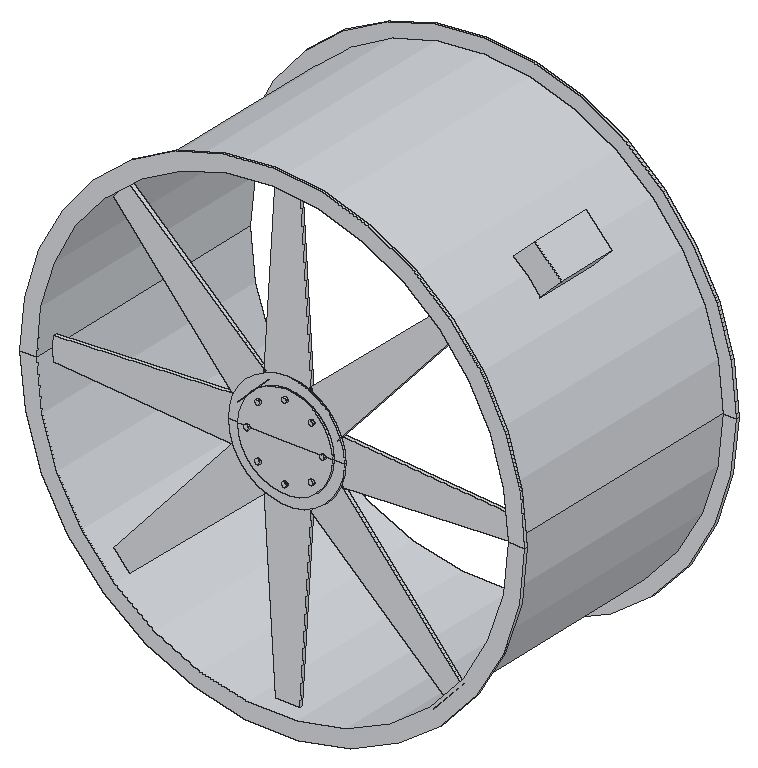
Revit family "CADS_Vent-Axia_MechEquip_Fan_LCA_1000_3Ph4P - EXTRACT", category Mechanical Equipment, Revit 2020
Family settings
  Round Connector Dimension = Use Diameter
  Part Type = Normal
  OmniClass Number = 23.75.00.00
  OmniClass Title = Climate Control (HVAC)
  Work Plane-Based = No
  Always vertical = Yes
  Cut with Voids When Loaded = No
  Shared = No
  Room Calculation Point = No
Parameters (values of type "LCA1003410")
  nr = NominalDiameter / 2  # 500 mm
  WorkingPressure = 0.0 Pa
  WarrantyStartDate [instance] = "1900-12-31T23:59:59"
  WarrantyPeriod = ""
  WarrantyIdentifier = "N/A"
  WarrantyGuarantorParts = "tech@vent-axia.com"
  WarrantyGuarantorLabor = "tech@vent-axia.com"
  WarrantyGuarantor = "Vent-Axia Limited"
  WarrantyEndDate [instance] = "1900-12-31T23:59:59"
  WarrantyContent = ""
  TemperatureRange = ""
  TagNumber [instance] = "N/A"
  SustainabilityPerformance = ""
  Status = "New"
  Size = ""
  Shape = ""
  ServiceLifeType = ""
  ServiceLifeDuration = ""
  SerialNumber [instance] = "N/A"
  ReplacementCost = ""
  RatedVoltage = 0 V
  RatedCurrent = 0 A
  Quantity = 1
  ProductionYear = ""
  PressureCurve = ""
  PowerFactor = ""
  PointOfContact = ""
  NumberOfPoles = 0
  NominalWidth = 1000 mm
  NominalLength = 565 mm
  NominalHeight = 1000 mm
  NominalFrequencyRange = ""
  NominalDiameter = 1000 mm
  ModelReference = "LCAX 1000mm 3PH 4P 10DEG"
  ModelNumber = "LCA1003410"
  Material = ""
  ManufacturerE-Mail = "tech@vent-axia.com"
  ManufacturerAddress = "Fleming Way\nCrawley \nRH10 9YX"
  IsExtendedWarranty = no
  InsulationStandardClass = ""
  InstallationDate [instance] = "1900-12-31T23:59:59"
  IfcExportType [instance] = ""
  IfcExportAs = "IfcFanType"
  IP_Code = ""
  HasProtectiveEarth = no
  GrossWeight = 0.00 kg
  Grade = ""
  GlobalTradeItemNumber [instance] = "N/A"
  Fitting Type = "Ignore"
  Finish = ""
  Features = ""
  ExteriorInsulation = no
  ExpectedServiceLife = 0
  Exclusions = ""
  DurationUnit = "Year"
  Default Elevation = 0 mm
  Constituents = ""
  ConductorFunction = ""
  Color = ""
  CodePerformance = ""
  Category = ""
  CADS_Usage = 0
  CADS_Index = 0
  AssetType = "FIXED"
  AssetIdentifier [instance] = "N/A"
  AssemblyPlace = "UNKNOWN"
  ArticleNumber [instance] = "N/A"
  AirflowRateRange = 0.0 L/s
  Air Flow [instance] = 0.0 L/s
  AccessibilityPerformance = ""
Types (15, lengths in mm): name | NominalLength | ModelReference | ModelNumber
  LCA1003410 | 565 | "LCAX 1000mm 3PH 4P 10DEG" | "LCA1003410"
  LCA1003412 | 565 | "LCAX 1000mm 3PH 4P 12DEG" | "LCA1003412"
  LCA1003414 | 565 | "LCAX 1000mm 3PH 4P 14DEG" | "LCA1003414"
  LCA1003416 | 565 | "LCAX 1000mm 3PH 4P 16DEG" | "LCA1003416"
  LCA1003418 | 565 | "LCAX 1000mm 3PH 4P 18DEG" | "LCA1003418"
  LCA1003420 | 565 | "LCAX 1000mm 3PH 4P 20DEG" | "LCA1003420"
  LCA1003422 | 565 | "LCAX 1000mm 3PH 4P 22DEG" | "LCA1003422"
  LCA1003424 | 700 | "LCAX 1000mm 3PH 4P 24DEG" | "LCA1003424"
  LCA1003426 | 700 | "LCAX 1000mm 3PH 4P 26DEG" | "LCA1003426"
  LCA1003428 | 700 | "LCAX 1000mm 3PH 4P 28DEG" | "LCA1003428"
  LCA1003430 | 700 | "LCAX 1000mm 3PH 4P 30DEG" | "LCA1003430"
  LCA1003434 | 790 | "LCAX 1000mm 3PH 4P 34DEG" | "LCA1003434"
  LCA1003436 | 790 | "LCAX 1000mm 3PH 4P 36DEG" | "LCA1003436"
  LCA1003438 | 790 | "LCAX 1000mm 3PH 4P 38DEG" | "LCA1003438"
  LCA1003440 | 790 | "LCAX 1000mm 3PH 4P 40DEG" | "LCA1003440"
Reference planes
  plane 1 "Center (Front/Back)": y = 0
  plane 2: z = 0
  plane 3 "Center (Left/Right)": x = 0
  plane 4: x = -500
  plane 5: x = 500
  plane 6 "F": y = -282.5
  plane 7 "B": y = 282.5
  plane 8: x = -535
  plane 9: y = 277.5
  plane 10: y = -277.5
  plane 11: x = -505
  plane 12: y = -242.5
  plane 13 "top": z = 500
  plane 14: z = -500
  plane 15 "45deg": through (0, -1524, 0) normal (-0.7071, 0, -0.7071)
  plane 16 "C": through (0, -1524, 0) normal (-0.7071, 0, 0.7071)
Forms (mm)
  Revolve 1, solid
    sketch origin (0, 0, 0) x (1, 0, 0) y (0, 1, 0)
      loop
        line (-535, -282.5) -> (-500, -282.5) -> (-500, 282.5) -> (-535, 282.5) -> (-535, 277.5) -> (-505, 277.5) -> (-505, -277.5) -> (-535, -277.5) -> (-535, -282.5)
      axis (0, 282.5) -> (0, -282.5)
    angle from 0 to 360
  Sweep 2, solid
    path origin (0, 0, 0) x (1, 0, 0) y (0, 0, 1)
      loop
        line (353.553, 353.553) -> (399.515, 399.515)
    profile origin (376.534, 0, 376.534) x (-0.707107, 0, 0.707107) y (0, -1, 0)
      loop
        line (37.5, 55) -> (-42.73, 55) -> (-42.73, -79.5) -> (37.5, -79.5) -> (37.5, 55)
Dimensions and locks
  equal spacing: plane 4, plane 3 "Center (Left/Right)", plane 5
  equal spacing: plane 7 "B", plane 1 "Center (Front/Back)", plane 6 "F"
  "NominalLength": plane 7 "B" to plane 6 "F"
  "NominalDiameter": plane 4 to plane 5
  locked: plane 11 to plane 4 at 5
  locked: plane 8 to plane 11 at 30
  locked: plane 6 "F" to plane 10 at 5
  locked: plane 7 "B" to plane 9 at 5
  locked: plane 6 "F" to plane 12 at 40
  equal spacing: plane 13 "top", level, plane 14
  "NominalDiameter": plane 13 "top" to plane 14
  "nr": Sweep 2 sketch curve to nested 13
  Sweep 2 sketch curve to Sweep 2 sketch curve = 65 mm
  aligned and locked: level to plane 2
  aligned and locked: nested 1 to plane 12
Automatic sketch dimensions
  plane 6 "F" to Revolve 1 sketch curve = 0 mm
  Revolve 1 sketch curve to plane 8 = 0 mm  (x2)
  plane 10 to Revolve 1 sketch curve = 0 mm
  Revolve 1 sketch curve to plane 11 = 0 mm
  Revolve 1 sketch curve to plane 4 = 0 mm
  Revolve 1 sketch curve to plane 3 "Center (Left/Right)" = 0 mm
  plane 1 "Center (Front/Back)" to Revolve 1 sketch curve = 0 mm
  Revolve 1 sketch curve to plane 9 = 0 mm
  Revolve 1 sketch curve to plane 7 "B" = 0 mm
  plane 6 "F" to Revolve 1 sketch curve = 115 mm
  plane 1 "Center (Front/Back)" to Sweep 2 sketch curve = 55 mm
  Sweep 2 sketch curve to profile plane = 37.5 mm
  Sweep 2 sketch curve to Sweep 2 sketch curve = 80.23 mm
  Sweep 2 sketch curve to Sweep 2 sketch curve = 134.5 mm
  Sweep 2 sketch curve to plane 16 "C" = 0 mm  (x2)
Nested families
  nested 1: "Fan for ESC" at (0, -242.5, 0), ND <- "NominalDiameter", type "Fan for ESC"
    with hub 100 mm, ND 1000 mm, BoltPCD 80 mm, Bolt Count 8, B_Diam 10 mm
  nested 2: "Bolts" at (0, -251.672, -80) x (-1, 0, 0) z (0, 1, 0), type "Bolts"
    with bd 10 mm
  nested 3: "Bolts" at (-56.569, -251.672, -56.569) x (-0.7071, 0, 0.7071) z (0, 1, 0), type "Bolts"
    with bd 10 mm
  nested 4: "Bolts" at (-80, -251.672, 0) x (0, 0, 1) z (0, 1, 0), type "Bolts"
    with bd 10 mm
  nested 5: "Bolts" at (-56.569, -251.672, 56.569) x (0.7071, 0, 0.7071) z (0, 1, 0), type "Bolts"
    with bd 10 mm
  nested 6: "Bolts" at (56.569, -251.672, 56.569) x (0.7071, 0, -0.7071) z (0, 1, 0), type "Bolts"
    with bd 10 mm
  nested 7: "Bolts" at (0, -251.672, 80) x (1, 0, 0) z (0, 1, 0), type "Bolts"
    with bd 10 mm
  nested 8: "ESC Blade" at (0, -242.5, 0), type "ESC Blade"
    with a 20.00°, HR 100 mm, HD 200 mm, BT 50 mm, BR 400 mm, BH 40 mm, BD 1000 mm, BB 100 mm
  nested 9: "ESC Blade" at (0, -242.5, 0) x (0.7071, 0, -0.7071) z (0.7071, 0, 0.7071), type "ESC Blade"
    with a 20.00°, HR 100 mm, HD 200 mm, BT 50 mm, BR 400 mm, BH 40 mm, BD 1000 mm, BB 100 mm
  nested 10: "ESC Blade" at (0, -242.5, 0) x (0, 0, -1) z (1, 0, 0), type "ESC Blade"
    with a 20.00°, HR 100 mm, HD 200 mm, BT 50 mm, BR 400 mm, BH 40 mm, BD 1000 mm, BB 100 mm
  nested 11: "ESC Blade" at (0, -242.5, 0) x (-0.7071, 0, -0.7071) z (0.7071, 0, -0.7071), type "ESC Blade"
    with a 20.00°, HR 100 mm, HD 200 mm, BT 50 mm, BR 400 mm, BH 40 mm, BD 1000 mm, BB 100 mm
  nested 12: "ESC Blade" at (0, -242.5, 0) x (-1, 0, 0) z (0, 0, -1), type "ESC Blade"
    with a 20.00°, HR 100 mm, HD 200 mm, BT 50 mm, BR 400 mm, BH 40 mm, BD 1000 mm, BB 100 mm
  nested 13: "ESC Blade" at (0, -242.5, 0) x (-0.7071, 0, -0.7071) z (-0.7071, 0, 0.7071), type "ESC Blade"
    with a 20.00°, HR 100 mm, HD 200 mm, BT 50 mm, BR 400 mm, BH 40 mm, BD 1000 mm, BB 100 mm
  nested 14: "ESC Blade" at (0, -242.5, 0) x (0, 0, -1) z (-1, 0, 0), type "ESC Blade"
    with a 20.00°, HR 100 mm, HD 200 mm, BT 50 mm, BR 400 mm, BH 40 mm, BD 1000 mm, BB 100 mm
  nested 15: "ESC Blade" at (0, -242.5, 0) x (0.7071, 0, -0.7071) z (-0.7071, 0, -0.7071), type "ESC Blade"
    with a 20.00°, HR 100 mm, HD 200 mm, BT 50 mm, BR 400 mm, BH 40 mm, BD 1000 mm, BB 100 mm
  nested 16: "Bolts" at (80, -251.672, 0) x (0, 0, -1) z (0, 1, 0), type "Bolts"
    with bd 10 mm
  nested 17: "Bolts" at (56.569, -251.672, -56.569) x (-0.7071, 0, -0.7071) z (0, 1, 0), type "Bolts"
    with bd 10 mm
Connectors
  hvac at (0, -282.5, 0), driven by "NominalDiameter", driven by "Air Flow"
    settings: on Revolve 1, index 1, duct flow 0.0 L/s, flow factor 0, pres drop 0.0 Pa, loss coef 0, conn angle 0.00°, conn width 304.8 mm, conn height 304.8 mm, conn diameter 1000 mm, duct sys type 2, conn prof type 0, flow config 0, flow direction 1, loss method 0, conn ref index -1, conn util no, is conn primary yes, conn desc ""
  hvac at (0, 282.5, 0), driven by "NominalDiameter", driven by "Air Flow"
    settings: on Revolve 1, index 2, duct flow 0.0 L/s, flow factor 0, pres drop 0.0 Pa, loss coef 0, conn angle 0.00°, conn width 304.8 mm, conn height 304.8 mm, conn diameter 1000 mm, duct sys type 3, conn prof type 0, flow config 1, flow direction 2, loss method 0, conn ref index -1, conn util no, is conn primary no, conn desc ""
Definition of nested family "Fan for ESC"
  Parameters (values of type "Fan for ESC")
    hub [instance] = ND / 10  # 56.7 mm
    ND [instance] = 567 mm
    Model = "."
    Default Elevation = 0 mm
    BoltPCD [instance] = hub - (hub * 0.2)  # 45.36 mm
    Bolt Count [instance] = if(hub < 50 mm, 6, 8)  # 8
    B_Diam [instance] = if(hub < 50 mm, 5 mm, 10 mm)  # 10 mm
  Reference planes
    plane 1 "Center (Front/Back)": y = 0
    plane 2: z = 0
    plane 3 "Center (Left/Right)": x = 0
    plane 4 "back": y = 20
    plane 5 "bolts": y = -9.172
    plane 6 "B": z = 56.7
    plane 7: x = -79.287
    plane 8: x = -56.7
    plane 9 "hubface": y = -6.172
  Forms (mm)
    Revolve 1, solid
      sketch origin (0, 0, 0) x (1, 0, 0) y (0, 1, 0)
        loop
          line (0, 20) -> (-56.7, 20) -> (-56.7, 10.504) -> (-79.287, 10.504) -> (-79.287, -2.597) -> (-56.7, -2.597) -> (-56.7, -6.172) -> (0, -6.172) -> (0, 20)
        axis (0, 20) -> (0, -6.172)
      angle from 0 to 360
    Extrusion 2, solid, not visible
      sketch origin (0, -6.347, -4) x (-1, 0, 0) y (0, 0, 1)
        loop
          circle (0, 84) r 5
      from 0 to 3
  Lines and regions (mm)
    symbolic lines
      curve 1: circle (0, -9.172, 0) r 45.36 normal (0, 1, 0)
    model lines, not visible
      curve 2: line (0, -6.347, 85) -> (0, -6.347, 75)
  Dimensions and locks
    "hub": plane 6 "B" to plane 2
    "hub": nested 3 to plane 3 "Center (Left/Right)"
    "hub": nested 4 to plane 3 "Center (Left/Right)"
    "hub": nested 5 to plane 3 "Center (Left/Right)"
    "hub": plane 3 "Center (Left/Right)" to nested 6
    "hub": Revolve 1 sketch curve to Revolve 1 sketch curve
    "hub": plane 3 "Center (Left/Right)" to nested 7
    "hub": plane 3 "Center (Left/Right)" to nested 8
    "hub": plane 3 "Center (Left/Right)" to nested 9
    "hub": plane 8 to plane 3 "Center (Left/Right)"
    plane 7 to plane 8 = 22.587 mm
    diameter of Extrusion 2 sketch curve = 10 mm
    "BoltPCD": radius of curve 1
    "BoltPCD": radius of radial array
    aligned and locked: level to plane 2
    aligned and locked: plane 6 "B" to nested 1
  Automatic sketch dimensions
    Revolve 1 sketch curve to plane 7 = 0 mm
    Revolve 1 sketch curve to plane 8 = 0 mm  (x2)
    Revolve 1 sketch curve to plane 3 "Center (Left/Right)" = 0 mm
    Revolve 1 sketch curve to plane 9 "hubface" = 0 mm
    plane 4 "back" to Revolve 1 sketch curve = 0 mm
    plane 1 "Center (Front/Back)" to Revolve 1 sketch curve = 2.597 mm
    plane 4 "back" to Revolve 1 sketch curve = 9.496 mm
    Revolve 1 sketch curve to Revolve 1 sketch curve = 5 mm
    Revolve 1 sketch curve to plane 4 "back" = 45 mm
    curve 1 to level = 0 mm
    curve 1 to plane 3 "Center (Left/Right)" = 0 mm
  Nested families
    nested 1: "ESC Blade" at (0, 0, 0), BD <- "ND", HD <- "hub", type "ESC Blade"
      with a 20.00°, HR 56.7 mm, HD 113.4 mm, BT 28.35 mm, BR 226.8 mm, BH 40 mm, BD 567 mm, BB 56.7 mm
    nested 2: "ESC Blade" at (0, 0, 755), BD <- "ND", HD <- "hub", type "ESC Blade", not visible
      with a 20.00°, HR 56.7 mm, HD 113.4 mm, BT 28.35 mm, BR 226.8 mm, BH 40 mm, BD 567 mm, BB 56.7 mm
    nested 3: "ESC Blade" at (0, 0, 0) x (0.7071, 0, -0.7071) z (0.7071, 0, 0.7071), BD <- "ND", HD <- "hub", type "ESC Blade"
      with a 20.00°, HR 56.7 mm, HD 113.4 mm, BT 28.35 mm, BR 226.8 mm, BH 40 mm, BD 567 mm, BB 56.7 mm
    nested 4: "ESC Blade" at (0, 0, 0) x (0, 0, -1) z (1, 0, 0), BD <- "ND", HD <- "hub", type "ESC Blade"
      with a 20.00°, HR 56.7 mm, HD 113.4 mm, BT 28.35 mm, BR 226.8 mm, BH 40 mm, BD 567 mm, BB 56.7 mm
    nested 5: "ESC Blade" at (0, 0, 0) x (-0.7071, 0, -0.7071) z (0.7071, 0, -0.7071), BD <- "ND", HD <- "hub", type "ESC Blade"
      with a 20.00°, HR 56.7 mm, HD 113.4 mm, BT 28.35 mm, BR 226.8 mm, BH 40 mm, BD 567 mm, BB 56.7 mm
    nested 6: "ESC Blade" at (0, 0, 0) x (-1, 0, 0) z (0, 0, -1), BD <- "ND", HD <- "hub", type "ESC Blade"
      with a 20.00°, HR 56.7 mm, HD 113.4 mm, BT 28.35 mm, BR 226.8 mm, BH 40 mm, BD 567 mm, BB 56.7 mm
    nested 7: "ESC Blade" at (0, 0, 0) x (-0.7071, 0, -0.7071) z (-0.7071, 0, 0.7071), BD <- "ND", HD <- "hub", type "ESC Blade"
      with a 20.00°, HR 56.7 mm, HD 113.4 mm, BT 28.35 mm, BR 226.8 mm, BH 40 mm, BD 567 mm, BB 56.7 mm
    nested 8: "ESC Blade" at (0, 0, 0) x (0, 0, -1) z (-1, 0, 0), BD <- "ND", HD <- "hub", type "ESC Blade"
      with a 20.00°, HR 56.7 mm, HD 113.4 mm, BT 28.35 mm, BR 226.8 mm, BH 40 mm, BD 567 mm, BB 56.7 mm
    nested 9: "ESC Blade" at (0, 0, 0) x (0.7071, 0, -0.7071) z (-0.7071, 0, -0.7071), BD <- "ND", HD <- "hub", type "ESC Blade"
      with a 20.00°, HR 56.7 mm, HD 113.4 mm, BT 28.35 mm, BR 226.8 mm, BH 40 mm, BD 567 mm, BB 56.7 mm
    nested 10: "Bolts" at (0, -9.172, 45.36) x (1, 0, 0) z (0, 1, 0), bd <- "B_Diam", type "Bolts"
      with bd 10 mm
    nested 11: "Bolts" at (32.074, -9.172, 32.074) x (0.7071, 0, -0.7071) z (0, 1, 0), bd <- "B_Diam", type "Bolts"
      with bd 10 mm
    nested 12: "Bolts" at (-32.074, -9.172, 32.074) x (0.7071, 0, 0.7071) z (0, 1, 0), bd <- "B_Diam", type "Bolts"
      with bd 10 mm
    nested 13: "Bolts" at (-45.36, -9.172, 0) x (0, 0, 1) z (0, 1, 0), bd <- "B_Diam", type "Bolts"
      with bd 10 mm
    nested 14: "Bolts" at (-32.074, -9.172, -32.074) x (-0.7071, 0, 0.7071) z (0, 1, 0), bd <- "B_Diam", type "Bolts"
      with bd 10 mm
    nested 15: "Bolts" at (0, -9.172, -45.36) x (-1, 0, 0) z (0, 1, 0), bd <- "B_Diam", type "Bolts"
      with bd 10 mm
    nested 16: "Bolts" at (32.074, -9.172, -32.074) x (-0.7071, 0, -0.7071) z (0, 1, 0), bd <- "B_Diam", type "Bolts"
      with bd 10 mm
    nested 17: "Bolts" at (45.36, -9.172, 0) x (0, 0, -1) z (0, 1, 0), bd <- "B_Diam", type "Bolts"
      with bd 10 mm
  Definition of nested family "ESC Blade"
    Parameters (values of type "ESC Blade")
      a [instance] = 20.00°
      HR [instance] = HD / 2  # 30 mm
      HD [instance] = BD / 5  # 60 mm
      Default Elevation = 1219.2 mm
      BT [instance] = BD / 20  # 15 mm
      BR [instance] = (BD / 2) - HR  # 120 mm
      BH [instance] = 40 mm
      BD [instance] = 300 mm
      BB [instance] = BD / 10  # 30 mm
    Reference planes
      plane 1 "Center (Front/Back)": y = 0
      plane 2: z = 0
      plane 3 "Center (Left/Right)": x = 0
      plane 4 "Blade Bot": z = 30
      plane 5: x = -15
      plane 6: x = 15
      plane 7: x = -7.5
      plane 8: x = 7.5
    Forms (mm)
      Blend 1, solid
        base sketch origin (0, 0, 30) x (-1, 0, 0) y (0, -1, 0)
          loop
            line (15, 0) -> (-15, 0) -> (-15, -6) -> (15, -6) -> (15, 0)
        top sketch origin (0, 0, 30) x (-1, 0, 0) y (0, -1, 0)
          loop
            line (7.5, -6) -> (7.5, 0) -> (-7.5, 0) -> (-7.5, -6) -> (7.5, -6)
        from 0 to 120 <- "BR"
    Dimensions and locks
      "HR": plane 4 "Blade Bot" to level
      equal spacing: plane 8, plane 3 "Center (Left/Right)", plane 7
      "BT": plane 8 to plane 7
      equal spacing: plane 6, plane 3 "Center (Left/Right)", plane 5
      "BB": plane 6 to plane 5
      aligned and locked: level to plane 2
    Automatic sketch dimensions
      plane 1 "Center (Front/Back)" to Blend 1 sketch curve = 0 mm  (x2)
      Blend 1 sketch curve to plane 6 = 0 mm
      Blend 1 sketch curve to plane 5 = 0 mm
      Blend 1 sketch curve to plane 1 "Center (Front/Back)" = 6 mm  (x2)
      Blend 1 sketch curve to plane 8 = 0 mm
      Blend 1 sketch curve to plane 7 = 0 mm
  Definition of nested family "Bolts"
    Parameters
      bd [instance] = 10 mm
      Default Elevation = 1219.2 mm
    Reference planes
      plane 1 "Center (Front/Back)": y = 0
      plane 2: z = 0
      plane 3 "Center (Left/Right)": x = 0
    Forms (mm)
      Extrusion 1, solid
        sketch origin (0, 0, 0) x (1, 0, 0) y (0, 1, 0)
          loop
            line (-1219.2, 1219.2) -> (-1219.2, -1219.2) -> (1219.2, -1219.2) -> (1219.2, 1219.2) -> (-1219.2, 1219.2)
        from 0 to -304.8
      Extrusion 2, solid
        sketch origin (0, 0, 0) x (1, 0, 0) y (0, 1, 0)
          loop
            circle (0, 0) r 5
        from 0 to 3
    Dimensions and locks
      "bd": diameter of Extrusion 2 sketch curve
      aligned and locked: plane 2 to Extrusion 1
      aligned and locked: level to Extrusion 1
    Automatic sketch dimensions
      Extrusion 1 sketch curve to Extrusion 1 sketch curve = 2438.4 mm  (x2)
      plane 1 "Center (Front/Back)" to Extrusion 2 sketch curve = 0 mm
      Extrusion 2 sketch curve to plane 3 "Center (Left/Right)" = 0 mm
Definition of nested family "Bolts"
  Parameters
    bd [instance] = 10 mm
    Default Elevation = 1219.2 mm
  Reference planes
    plane 1 "Center (Front/Back)": y = 0
    plane 2: z = 0
    plane 3 "Center (Left/Right)": x = 0
  Forms (mm)
    Extrusion 1, solid
      sketch origin (0, 0, 0) x (1, 0, 0) y (0, 1, 0)
        loop
          line (-1219.2, 1219.2) -> (-1219.2, -1219.2) -> (1219.2, -1219.2) -> (1219.2, 1219.2) -> (-1219.2, 1219.2)
      from 0 to -304.8
    Extrusion 2, solid
      sketch origin (0, 0, 0) x (1, 0, 0) y (0, 1, 0)
        loop
          circle (0, 0) r 5
      from 0 to 3
  Dimensions and locks
    "bd": diameter of Extrusion 2 sketch curve
    aligned and locked: plane 2 to Extrusion 1
    aligned and locked: level to Extrusion 1
  Automatic sketch dimensions
    Extrusion 1 sketch curve to Extrusion 1 sketch curve = 2438.4 mm  (x2)
    plane 1 "Center (Front/Back)" to Extrusion 2 sketch curve = 0 mm
    Extrusion 2 sketch curve to plane 3 "Center (Left/Right)" = 0 mm
Definition of nested family "ESC Blade"
  Parameters (values of type "ESC Blade")
    a [instance] = 20.00°
    HR [instance] = HD / 2  # 30 mm
    HD [instance] = BD / 5  # 60 mm
    Default Elevation = 1219.2 mm
    BT [instance] = BD / 20  # 15 mm
    BR [instance] = (BD / 2) - HR  # 120 mm
    BH [instance] = 40 mm
    BD [instance] = 300 mm
    BB [instance] = BD / 10  # 30 mm
  Reference planes
    plane 1 "Center (Front/Back)": y = 0
    plane 2: z = 0
    plane 3 "Center (Left/Right)": x = 0
    plane 4 "Blade Bot": z = 30
    plane 5: x = -15
    plane 6: x = 15
    plane 7: x = -7.5
    plane 8: x = 7.5
  Forms (mm)
    Blend 1, solid
      base sketch origin (0, 0, 30) x (-1, 0, 0) y (0, -1, 0)
        loop
          line (15, 0) -> (-15, 0) -> (-15, -6) -> (15, -6) -> (15, 0)
      top sketch origin (0, 0, 30) x (-1, 0, 0) y (0, -1, 0)
        loop
          line (7.5, -6) -> (7.5, 0) -> (-7.5, 0) -> (-7.5, -6) -> (7.5, -6)
      from 0 to 120 <- "BR"
  Dimensions and locks
    "HR": plane 4 "Blade Bot" to level
    equal spacing: plane 8, plane 3 "Center (Left/Right)", plane 7
    "BT": plane 8 to plane 7
    equal spacing: plane 6, plane 3 "Center (Left/Right)", plane 5
    "BB": plane 6 to plane 5
    aligned and locked: level to plane 2
  Automatic sketch dimensions
    plane 1 "Center (Front/Back)" to Blend 1 sketch curve = 0 mm  (x2)
    Blend 1 sketch curve to plane 6 = 0 mm
    Blend 1 sketch curve to plane 5 = 0 mm
    Blend 1 sketch curve to plane 1 "Center (Front/Back)" = 6 mm  (x2)
    Blend 1 sketch curve to plane 8 = 0 mm
    Blend 1 sketch curve to plane 7 = 0 mm
